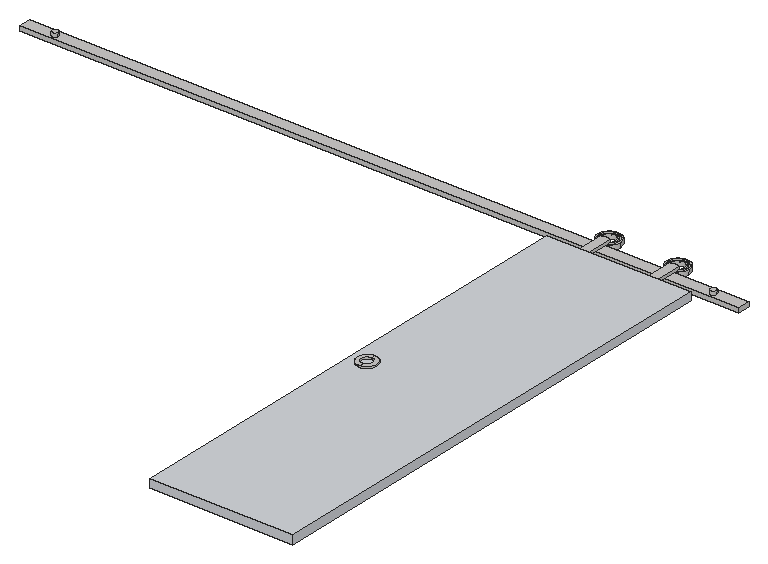
Revit family
Parameters (values of type "Stainless Steel, Brushed")
  zz YesNo 2 [instance] = not(if(Trolley is Top Mount, 1, 0) + if(Trolley is Glass Mount, 1, 0) + if(Trolley is Face Mount, 1, 0) = 1)  # no
  zz YesNo 1 [instance] = or(Trolley is Face Mount, Trolley is Glass Mount)  # no
  zz Material 2 = Stainless Steel - Krown Lab - Brushed
  zz Material 1 = Stainless Steel - Krown Lab - Brushed
  zz Length 6 [instance] = 91.000"
  zz Length 5 [instance] = if(Panel Height < 4.750", 4.750", Panel Height)  # 83.000"
  zz Length 4 [instance] = if(and(Has 1 Track Mount Spacer, Trolley is Top Mount), 2.000", if(and(Has 2 Track Mount Spacers, Trolley is Top Mount), 2.625", if(and(Has 1 Track Mount Spacer, Trolley is Face Mount), 1.375", if(and(Has 2 Track Mount Spacers, Trolley is Face Mount), 2.000", if(and(Has 1 Track Mount Spacer, Trolley is Glass Mount), 1.375", if(and(Has 2 Track Mount Spacers, Trolley is Glass Mount), 2.000", 0.500")))))) - 0.125"  # 1.875"
  zz Length 3 [instance] = if(zz Length 6 + (Panel Width / 2) > [built-in parameter 1001306] + 72.000", [built-in parameter 1001306] - (Panel Width / 2) + 72.000", if(zz Length 6 - (Panel Width / 2) < 72.000", (Panel Width / 2) + 72.000", zz Length 6))  # 91.000"
  zz Length 2 [instance] = if(Has 1 Track Mount Spacer, 1.375", 2.000")  # 1.375"
  zz Length 1 [instance] = if(Panel Width < 16.375", 16.375", Panel Width)  # 24.000"
  zz Integer 1 = 3
  URL = "http://www.krownlab.com/"
  Type Comments = "To Modify the Panel, edit the nested Panel Family and reload into the Door"  # constant formula
  Trolley is Top Mount [instance] = yes
  Trolley is Glass Mount [instance] = no
  Trolley is Face Mount [instance] = no
  Track Length [instance] = [built-in parameter 1001306]  # 120.000"
  Provide Feedback = "https://www.surveymonkey.com/s/3HJZTQD "
  Product Page URL = "http://www.krownlab.com/baldur"
  Product Material = Stainless Steel - Krown Lab - Brushed
  Product Documentation Link = "http://www.krownlab.com/pdfs/KrownLab-BALDUR-Product-Guide.pdf"
  Part Number [instance] = if(not(zz YesNo 2), if(and(zz Integer 1 = 3, Trolley is Top Mount), "Baldur, B11", if(and(zz Integer 1 = 3, Trolley is Face Mount), "Baldur, B12", if(and(zz Integer 1 = 3, Trolley is Glass Mount), "Baldur, B13", if(and(zz Integer 1 = 2, Trolley is Top Mount), "Baldur, B21", if(and(zz Integer 1 = 2, Trolley is Face Mount), "Baldur, B22", if(and(zz Integer 1 = 2, Trolley is Glass Mount), "Baldur, B23", if(and(zz Integer 1 = 4, Trolley is Top Mount), "Baldur, B31", if(and(zz Integer 1 = 4, Trolley is Face Mount), "Baldur, B32", if(and(zz Integer 1 = 4, Trolley is Glass Mount), "Baldur, B33", if(and(zz Integer 1 = 1, Trolley is Top Mount), "Baldur, B41", if(and(zz Integer 1 = 1, Trolley is Face Mount), "Baldur, B42", if(and(zz Integer 1 = 1, Trolley is Glass Mount), "Baldur, B43", "Not Available")))))))))))), "Not Available")  # "Baldur, B11"
  Part Description [instance] = if(not(zz YesNo 2), if(zz Integer 1 = 1, "Baldur Bamboo Sliding Track For Custom Sized Panels", if(zz Integer 1 = 2, "Baldur Polished Stainless Steel Sliding Track For Custom Sized Panels", if(zz Integer 1 = 3, "Baldur Brushed Stainless Steel Sliding Track For Custom Sized Panels", if(zz Integer 1 = 4, "Baldur Black Stainless Steel Sliding Track For Custom Sized Panels", "Not Available")))), "Not Available")  # "Baldur Brushed Stainless Steel Sliding Track For Custom Sized Panels"
  Panel Width [instance] = 24.000"
  Panel Material [instance] = none
  Panel Height [instance] = 83.000"
  Panel Depth Desired [instance] = 1.375"
  Panel Depth Actual [instance] = if(not(zz YesNo 2), if(Trolley is Top Mount, if(Panel Depth Desired > 3.000", 3.000", if(Panel Depth Desired < 1.375", 1.375", Panel Depth Desired)), if(Trolley is Face Mount, if(Panel Depth Desired > 1.750", 1.750", if(Panel Depth Desired < 0.750", 0.750", Panel Depth Desired)), if(Trolley is Glass Mount, if(Panel Depth Desired > 0.750", 0.750", if(Panel Depth Desired < 0.375", 0.375", Panel Depth Desired)), 5.000"))), 3.000" / 4)  # 1.375"
  Panel [instance] = Panel : Standard
  Original Creation Date = "6/26/13"  # constant formula
  Mounting Hardware [instance] = if(not(zz YesNo 2), if(Trolley is Top Mount, "Top Mount", if(Trolley is Face Mount, "Face Mount", if(Trolley is Glass Mount, "Glass Mount", "Not Available"))), "Not Available")  # "Top Mount"
  Model Disclaimer = "For More Information, Contact Krown Lab"  # constant formula
  Model = "See Part Number"  # constant formula
  Max Panel Weight [instance] = if(Has 1 Track Mount Spacer, 400.000 lbf, 300.000 lbf)  # 400.000 lbf
  Manufacturer = "Krown Lab"  # constant formula
  built-in parameter 1001306 [instance] = 120.000"
  Has 2 Track Mount Spacers [instance] = not(Has 1 Track Mount Spacer)  # no
  Has 1 Track Mount Spacer [instance] = yes
  Handle Material = Stainless Steel - Krown Lab - Brushed
  Handle [instance] = Handle : Ring Pull
  Family Version = "1.0.0"  # constant formula
  Equipment Number [instance] = ""
  Equipment Abbreviation = "DR"
  Description = "See Part Description"  # constant formula
  Date Last Modified = "6/26/13"  # constant formula
  Copyright = "Copyright © Krown Lab"  # constant formula
  Configuration [instance] = if(zz YesNo 2, "Error: Select only 1 Trolley Option", "Available")  # "Available"
Types (5): name | zz Material 2 | zz Material 1 | zz Length 6 | zz Length 4 | zz Length 3 | zz Length 2 | zz Integer 1 | Product Material | Part Number | Part Description | Max Panel Weight | Has 2 Track Mount Spacers | Has 1 Track Mount Spacer | Handle Material
  (no name) | Stainless Steel - Krown Lab - Brushed | Stainless Steel - Krown Lab - Brushed | 91.000" | 1.875" | 91.000" | 1.375" | 3 | Stainless Steel - Krown Lab - Brushed | "Baldur, B11" | "Baldur Brushed Stainless Steel Sliding Track For Custom Sized Panels" | 400.000 lbf | no | yes | Stainless Steel - Krown Lab - Brushed
  Stainless Steel, Polished | Stainless Steel - Krown Lab - Polished | Stainless Steel - Krown Lab - Polished | 91.000" | 2.500" | 91.000" | 2.000" | 2 | Stainless Steel - Krown Lab - Polished | "Baldur, B21" | "Baldur Polished Stainless Steel Sliding Track For Custom Sized Panels" | 300.000 lbf | yes | no | Stainless Steel - Krown Lab - Polished
  Stainless Steel, Brushed | Stainless Steel - Krown Lab - Brushed | Stainless Steel - Krown Lab - Brushed | 91.000" | 1.875" | 91.000" | 1.375" | 3 | Stainless Steel - Krown Lab - Brushed | "Baldur, B11" | "Baldur Brushed Stainless Steel Sliding Track For Custom Sized Panels" | 400.000 lbf | no | yes | Stainless Steel - Krown Lab - Brushed
  Stainless Steel, Black | Stainless Steel - Krown Lab - Black | Stainless Steel - Krown Lab - Black | 93.000" | 1.875" | 93.000" | 1.375" | 4 | Stainless Steel - Krown Lab - Black | "Baldur, B31" | "Baldur Black Stainless Steel Sliding Track For Custom Sized Panels" | 400.000 lbf | no | yes | Stainless Steel - Krown Lab - Black
  Bamboo | Stainless Steel - Krown Lab - Brushed | Stainless Steel - Krown Lab - Brushed | 91.000" | 1.875" | 91.000" | 1.375" | 1 | Bamboo - Krown Lab | "Baldur, B41" | "Baldur Bamboo Sliding Track For Custom Sized Panels" | 400.000 lbf | no | yes | Stainless Steel - Krown Lab - Brushed
Reference planes (in)
  plane 1 "Center (Front/Back)": y = 0
  plane 2: z = 0
  plane 3 "Left": x = 0
  plane 4 "Right": x = 120
  plane 5: z = 1.1875
  plane 6: z = 0.675
  plane 7: z = 0.5
  plane 8: z = 1.025
  plane 9: z = 1.375
  plane 10: z = 1.775
  plane 11: z = 1.875
  plane 12: x = 5
  plane 13: x = 67
  plane 14: y = -44.75
  plane 15: y = -86.25
  plane 16: y = -44.25
  plane 17: y = 1.075
  plane 18: y = 1.875
  plane 19: y = -3.25
  plane 20: y = -2
  plane 21: y = -1
  plane 22: y = -7.25
  plane 23: x = 89
  plane 24: x = 101
  plane 25: x = 113
  plane 26: x = 91.7
  plane 27: x = 94.5
  plane 28: x = 96
  plane 29: x = 95.25
  plane 30: x = 107.5
  plane 31: x = 106.75
  plane 32: x = 106
  plane 33: x = 192
  plane 34: y = -3
  plane 35: x = -1
  plane 36: x = 121
  plane 37: y = 4.75
  plane 38: y = -87.25
  plane 39: z = -1
  plane 40: z = 2.875
  plane 41: z = 0.275
  plane 42: z = 1.775
  plane 43: y = -0.5
  plane 44: y = 0.75
  plane 45: y = 0.1875
  plane 46: y = 0.5625
  plane 47: z = 0.8
  plane 48: z = 1.25
  plane 49: x = 115
  plane 50: z = 1.875
Forms (in)
  Extrusion 1, solid, material "Stainless Steel - Krown Lab - Brushed" <- "Product Material"
    sketch origin (0, 0, 0) x (1, 0, 0) y (0, 1, 0)
      loop
        line (0, 0) -> (0, -2) -> (120, -2) -> (120, 0) -> (0, 0)
    from 0.675 to 1.375
  Extrusion 2, solid, material "Stainless Steel - Krown Lab - Brushed" <- "zz Material 2", detail levels medium+fine
    sketch origin (0, 0, 0) x (1, 0, 0) y (0, 1, 0)
      loop
        circle (95.25, 1.875) r 1.125
      loop
        circle (95.25, 1.875) r 1.875
      loop
        circle (106.75, 1.875) r 1.125
      loop
        circle (106.75, 1.875) r 1.875
    from 0.675 to 1.375
  Extrusion 3, solid, material "Stainless Steel - Krown Lab - Brushed" <- "Product Material", visible <- "zz YesNo 1", detail levels medium+fine
    sketch origin (0, 0, 0) x (1, 0, 0) y (0, 1, 0)
      loop
        arc (94.5, -7.25) -> (95.25, -8) -> (96, -7.25) r 0.75
        line (96, -7.25) -> (96, 1.075)
        arc (96, 1.075) -> (95.25, 1.325) -> (94.5, 1.075) r 1.25
        line (94.5, 1.075) -> (94.5, -7.25)
      loop
        arc (106, -7.25) -> (106.75, -8) -> (107.5, -7.25) r 0.75
        line (107.5, -7.25) -> (107.5, 1.075)
        arc (107.5, 1.075) -> (106.75, 1.325) -> (106, 1.075) r 1.25
        line (106, 1.075) -> (106, -7.25)
    from 1.375 to 1.775
  Extrusion 4, solid, material "Stainless Steel - Krown Lab - Brushed" <- "Product Material", visible <- "Trolley is Top Mount", detail levels medium+fine
    sketch origin (0, 0, 0) x (1, 0, 0) y (0, 1, 0)
      loop
        line (94.5, -3.25) -> (96, -3.25) -> (96, 1.075)
        arc (96, 1.075) -> (95.25, 1.325) -> (94.5, 1.075) r 1.25
        line (94.5, 1.075) -> (94.5, -3.25)
      loop
        line (106, -3.25) -> (107.5, -3.25) -> (107.5, 1.075)
        arc (107.5, 1.075) -> (106.75, 1.325) -> (106, 1.075) r 1.25
        line (106, 1.075) -> (106, -3.25)
    from 1.375 to 1.775
  Extrusion 5, solid, material "Stainless Steel - Krown Lab - Brushed" <- "Product Material", visible <- "Trolley is Top Mount", detail levels medium+fine
    sketch origin (0, 0, 0) x (1, 0, 0) y (0, 1, 0)
      loop
        line (94.5, -3) -> (94.5, -3.25) -> (96, -3.25) -> (96, -3) -> (94.5, -3)
      loop
        line (106, -3) -> (106, -3.25) -> (107.5, -3.25) -> (107.5, -3) -> (106, -3)
    from 0.675 to 1.775
  Extrusion 6, solid, material "Error Box", visible <- "zz YesNo 2"
    sketch origin (0, 0, 0) x (1, 0, 0) y (0, 1, 0)
      loop
        line (-1, 4.75) -> (-1, -87.25) -> (121, -87.25) -> (121, 4.75) -> (-1, 4.75)
    from -1 to 2.875
  Extrusion 7, solid, material "Stainless Steel - Krown Lab - Brushed" <- "Product Material", visible <- "Trolley is Top Mount", detail levels medium+fine
    sketch origin (0, 0, 0) x (1, 0, 0) y (0, 1, 0)
      loop
        line (106, -0.5) -> (107.5, -0.5) -> (107.5, 1.075)
        arc (107.5, 1.075) -> (106.75, 1.325) -> (106, 1.075) r 1.25
        line (106, 1.075) -> (106, -0.5)
      loop
        line (94.5, -0.5) -> (96, -0.5) -> (96, 1.075)
        arc (96, 1.075) -> (95.25, 1.325) -> (94.5, 1.075) r 1.25
        line (94.5, 1.075) -> (94.5, -0.5)
    from 0.275 to 0.675
  Extrusion 8, solid, material "Stainless Steel - Krown Lab - Brushed" <- "Product Material", visible <- "Trolley is Top Mount", detail levels medium+fine
    sketch origin (0, 0, 0) x (1, 0, 0) y (0, 1, 0)
      loop
        arc (96, 1.075) -> (95.25, 1.325) -> (94.5, 1.075) r 1.25
        line (94.5, 1.075) -> (94.5, 1.04204)
        arc (94.5, 1.04204) -> (95.25, 0.75414) -> (96, 1.04204) r 1.12086
        line (96, 1.04204) -> (96, 1.075)
      loop
        arc (107.5, 1.075) -> (106.75, 1.325) -> (106, 1.075) r 1.25
        line (106, 1.075) -> (106, 1.04204)
        arc (106, 1.04204) -> (106.75, 0.75414) -> (107.5, 1.04204) r 1.12086
        line (107.5, 1.04204) -> (107.5, 1.075)
    from 0.675 to 1.375
  Extrusion 9, solid, material "Stainless Steel - Krown Lab - Brushed" <- "Product Material", visible <- "zz YesNo 1", detail levels medium+fine
    sketch origin (0, 0, 0) x (1, 0, 0) y (0, 1, 0)
      loop
        arc (96, 1.075) -> (95.25, 1.325) -> (94.5, 1.075) r 1.25
        line (94.5, 1.075) -> (94.5, 1.04204)
        arc (94.5, 1.04204) -> (95.25, 0.75414) -> (96, 1.04204) r 1.12086
        line (96, 1.04204) -> (96, 1.075)
      loop
        arc (107.5, 1.075) -> (106.75, 1.325) -> (106, 1.075) r 1.25
        line (106, 1.075) -> (106, 1.04204)
        arc (106, 1.04204) -> (106.75, 0.75414) -> (107.5, 1.04204) r 1.12086
        line (107.5, 1.04204) -> (107.5, 1.075)
    from 0.675 to 1.375
  Extrusion 10, solid, material "Stainless Steel - Krown Lab - Brushed" <- "Product Material", visible <- "zz YesNo 1", detail levels medium+fine
    sketch origin (0, 0, 0) x (1, 0, 0) y (0, 1, 0)
      loop
        line (106, -0.5) -> (107.5, -0.5) -> (107.5, 1.075)
        arc (107.5, 1.075) -> (106.75, 1.325) -> (106, 1.075) r 1.25
        line (106, 1.075) -> (106, -0.5)
      loop
        line (94.5, -0.5) -> (96, -0.5) -> (96, 1.075)
        arc (96, 1.075) -> (95.25, 1.325) -> (94.5, 1.075) r 1.25
        line (94.5, 1.075) -> (94.5, -0.5)
    from 0.275 to 0.675
  Extrusion 11, void
    sketch origin (0, 0, 0) x (1, 0, 0) y (0, 1, 0)
      loop
        circle (106.75, 1.875) r 1.6875
      loop
        circle (106.75, 1.875) r 1.3125
      loop
        circle (95.25, 1.875) r 1.6875
      loop
        circle (95.25, 1.875) r 1.3125
    from 1.25 to 1.375
  Extrusion 12, void
    sketch origin (0, 0, 0) x (1, 0, 0) y (0, 1, 0)
      loop
        circle (106.75, 1.875) r 1.6875
      loop
        circle (106.75, 1.875) r 1.3125
      loop
        circle (95.25, 1.875) r 1.6875
      loop
        circle (95.25, 1.875) r 1.3125
    from 0.675 to 0.8
  Extrusion 13, solid, material "Stainless Steel - Krown Lab - Brushed" <- "zz Material 2", detail levels fine
    sketch origin (0, 0, 0) x (1, 0, 0) y (0, 1, 0)
      loop
        circle (115, -1) r 0.5
      loop
        circle (5, -1) r 0.5
    from 1.375 to 1.875
Cuts and joins
  joined: Extrusion 4, Extrusion 5, Extrusion 7, Extrusion 8
  joined: Extrusion 3, Extrusion 9, Extrusion 10
  Extrusion 11, Extrusion 12 cuts Extrusion 2
Lines and regions (in)
  Masking region 1
    outline origin (0, 0, 0) x (1, 0, 0) y (0, 0, 1)
      loop
        line (0, 1.375) -> (0, 0.675) -> (120, 0.675) -> (120, 1.375) -> (0, 1.375)
  reference lines
    curve 1: line (0, 0, 0) -> (120, 0, 0)
    curve 2: line (101, -86.25, 1.1875) -> (101, 0, 1.1875)
Text (in)
  text "To Modify the Panel, edit the nested Panel Family and reload into the Door" at (-101.19156, 12.03068, 0), in view "Ref. Level"
Dimensions and locks (in)
  "built-in parameter 1001306": plane 3 "Left" to plane 4 "Right"
  equal spacing: plane 11, plane 5, plane 7
  "zz Length 4": plane 11 to plane 2
  "Panel Depth Actual": plane 11 to plane 7
  "zz Length 2": plane 9 to plane 2
  equal spacing: plane 19, plane 14, plane 15
  locked: plane 16 to plane 15 at 42
  plane 18 to plane 17 to plane 44 to plane 46 to plane 45 to plane 1 "Center (Front/Back)" to plane 21 to plane 20 to plane 34 to plane 19 to plane 22 = 0.800" locked, 0.325" locked, 0.1875" locked, 0.375" locked, 0.1875" locked, 1.000" locked, 1.000" locked, 1.000" locked, 0.250" locked, 4.000" locked
  "zz Length 5": plane 19 to plane 15
  plane 10 to plane 9 to plane 48 to plane 8 to plane 47 to plane 6 to plane 41 = 0.400" locked, 0.125" locked, 0.225" locked, 0.225" locked, 0.125" locked, 0.400" locked
  equal spacing: plane 23, plane 24, plane 25
  "zz Length 1": plane 23 to plane 25
  plane 23 to plane 26 to plane 27 to plane 29 to plane 28 = 2.700" locked, 2.800" locked, 0.750" locked, 0.750" locked
  plane 32 to plane 31 to plane 30 to plane 25 = 0.750" locked, 0.750" locked, 5.500" locked
  "zz Length 3": plane 24 to plane 33
  "zz Length 6": curve 2 to plane 33
  locked: plane 4 "Right" to plane 33 at 72
  locked: plane 35 to plane 3 "Left" at 1
  locked: plane 4 "Right" to plane 36 at 1
  locked: plane 37 to plane 18 at 2.875
  locked: plane 15 to plane 38 at 1
  locked: plane 2 to plane 39 at 1
  locked: plane 40 to plane 11 at 1
  locked: plane 43 to plane 1 "Center (Front/Back)" at 0.5
  locked: plane 49 to plane 4 "Right" at 5
  locked: plane 50 to plane 9 at 0.5
  locked: plane 3 "Left" to plane 12 at 5
  aligned and locked: plane 4 "Right" to curve 1
  aligned and locked: plane 3 "Left" to curve 1
  aligned and locked: level to plane 2
  aligned and locked: Extrusion 1 sketch curve to plane 4 "Right"
  aligned and locked: plane 20 to Extrusion 1 sketch curve
  aligned and locked: plane 1 "Center (Front/Back)" to Extrusion 1 sketch curve
  aligned and locked: plane 3 "Left" to Extrusion 1 sketch curve
  aligned and locked: plane 29 to Extrusion 2 sketch curve  (x2)
  aligned and locked: plane 18 to Extrusion 2 sketch curve  (x4)
  aligned and locked: plane 31 to Extrusion 2 sketch curve  (x2)
  aligned and locked: Extrusion 2 to plane 6
  aligned and locked: Extrusion 1 to plane 6
  aligned and locked: plane 9 to Extrusion 1
  aligned and locked: plane 9 to Extrusion 2
  aligned and locked: nested 1 to plane 24
  aligned and locked: nested 1 to plane 14
  aligned and locked: nested 2 to plane 16
  aligned and locked: nested 2 to plane 26
  aligned and locked: plane 29 to Extrusion 3 sketch curve
  aligned and locked: plane 22 to Extrusion 3 sketch curve  (x2)
  aligned and locked: plane 31 to Extrusion 3 sketch curve
  aligned and locked: Extrusion 3 sketch curve to plane 32
  aligned and locked: plane 30 to Extrusion 3 sketch curve
  aligned and locked: plane 28 to Extrusion 3 sketch curve
  aligned and locked: Extrusion 3 sketch curve to plane 27
  aligned and locked: Extrusion 3 to plane 9
  aligned and locked: plane 10 to Extrusion 3
  aligned and locked: plane 15 to curve 2
  aligned and locked: Extrusion 4 sketch curve to plane 27
  aligned and locked: plane 19 to Extrusion 4 sketch curve  (x2)
  aligned and locked: plane 28 to Extrusion 4 sketch curve
  aligned and locked: Extrusion 4 sketch curve to plane 32
  aligned and locked: plane 30 to Extrusion 4 sketch curve
  aligned and locked: Extrusion 4 to plane 9
  aligned and locked: plane 10 to Extrusion 4
  aligned and locked: plane 19 to Extrusion 5 sketch curve  (x2)
  aligned and locked: plane 30 to Extrusion 5 sketch curve
  aligned and locked: Extrusion 5 sketch curve to plane 32
  aligned and locked: Extrusion 5 sketch curve to plane 34  (x2)
  aligned and locked: Extrusion 5 sketch curve to plane 27
  aligned and locked: plane 28 to Extrusion 5 sketch curve
  aligned and locked: Extrusion 5 to plane 6
  aligned: plane 10 to Extrusion 5
  aligned and locked: plane 6 to Masking region 1 sketch curve
  aligned and locked: Masking region 1 sketch curve to plane 4 "Right"
  aligned and locked: Masking region 1 sketch curve to plane 9
  aligned and locked: plane 3 "Left" to Masking region 1 sketch curve
  aligned and locked: plane 36 to Extrusion 6 sketch curve
  aligned and locked: Extrusion 6 sketch curve to plane 35
  aligned and locked: plane 38 to Extrusion 6 sketch curve
  aligned and locked: Extrusion 6 sketch curve to plane 37
  aligned and locked: Extrusion 6 to plane 39
  aligned and locked: plane 40 to Extrusion 6
  aligned and locked: plane 43 to Extrusion 7 sketch curve  (x2)
  aligned and locked: plane 30 to Extrusion 7 sketch curve
  aligned and locked: Extrusion 7 sketch curve to plane 32
  aligned and locked: plane 28 to Extrusion 7 sketch curve
  aligned and locked: Extrusion 7 sketch curve to plane 27
  aligned and locked: Extrusion 7 to plane 41
  aligned and locked: plane 6 to Extrusion 7
  aligned and locked: plane 9 to Extrusion 8
  aligned and locked: Extrusion 8 to plane 6
  aligned and locked: Extrusion 8 sketch curve to plane 30
  aligned and locked: plane 32 to Extrusion 8 sketch curve
  aligned and locked: plane 28 to Extrusion 8 sketch curve
  aligned and locked: plane 27 to Extrusion 8 sketch curve
  aligned: plane 9 to Extrusion 5
  aligned and locked: plane 10 to Extrusion 5
  aligned and locked: Extrusion 9 sketch curve to plane 30
  aligned and locked: plane 32 to Extrusion 9 sketch curve
  aligned and locked: plane 28 to Extrusion 9 sketch curve
  aligned and locked: plane 27 to Extrusion 9 sketch curve
  aligned and locked: plane 28 to Extrusion 10 sketch curve
  aligned and locked: Extrusion 10 sketch curve to plane 27
  aligned and locked: plane 43 to Extrusion 10 sketch curve  (x2)
  aligned and locked: Extrusion 10 sketch curve to plane 32
  aligned and locked: plane 30 to Extrusion 10 sketch curve
  aligned and locked: Extrusion 9 to plane 6
  aligned and locked: plane 9 to Extrusion 9
  aligned and locked: Extrusion 10 to plane 41
  aligned and locked: plane 6 to Extrusion 10
  aligned: Extrusion 11 to plane 11
  aligned and locked: plane 9 to Extrusion 11
  aligned and locked: plane 29 to Extrusion 11 sketch curve  (x2)
  aligned and locked: plane 18 to Extrusion 11 sketch curve  (x4)
  aligned and locked: plane 31 to Extrusion 11 sketch curve  (x2)
  aligned and locked: plane 29 to Extrusion 12 sketch curve  (x2)
  aligned and locked: plane 18 to Extrusion 12 sketch curve  (x4)
  aligned and locked: plane 31 to Extrusion 12 sketch curve  (x2)
  aligned and locked: Extrusion 12 to plane 6
  aligned and locked: plane 47 to Extrusion 12
  aligned and locked: Extrusion 11 to plane 48
  aligned and locked: plane 21 to Extrusion 13 sketch curve  (x2)
  aligned and locked: plane 49 to Extrusion 13 sketch curve
  aligned and locked: Extrusion 13 to plane 9
  aligned and locked: plane 50 to Extrusion 13
  aligned and locked: plane 12 to Extrusion 13 sketch curve
Automatic sketch dimensions
  plane 1 "Center (Front/Back)" to curve 1 = 0.000"
  plane 1 "Center (Front/Back)" to curve 2 = 0.000"
  Extrusion 7 sketch curve to Extrusion 7 sketch curve = 11.500"
  Extrusion 7 sketch curve to Extrusion 7 sketch curve = 0.000"
  Extrusion 7 sketch curve to plane 31 = 0.000"
  Extrusion 7 sketch curve to plane 17 = 0.000"  (x2)
  Extrusion 7 sketch curve to plane 1 "Center (Front/Back)" = 0.075"
  Extrusion 4 sketch curve to plane 29 = 0.000"
  Extrusion 4 sketch curve to plane 31 = 0.000"
  Extrusion 4 sketch curve to plane 17 = 0.000"  (x2)
  Extrusion 4 sketch curve to plane 1 "Center (Front/Back)" = 0.075"  (x2)
  Extrusion 8 sketch curve to plane 17 = 0.000"  (x2)
  Extrusion 8 sketch curve to plane 18 = 0.000"  (x2)
  Extrusion 8 sketch curve to plane 29 = 0.000"  (x2)
  Extrusion 8 sketch curve to plane 31 = 0.000"  (x2)
  Extrusion 8 sketch curve to plane 1 "Center (Front/Back)" = 0.075"  (x2)
  Extrusion 8 sketch curve to plane 17 = 0.03296"
  Extrusion 8 sketch curve to Extrusion 8 sketch curve = 0.03296"
  Extrusion 3 sketch curve to plane 29 = 0.000"
  Extrusion 3 sketch curve to plane 17 = 0.000"  (x2)
  Extrusion 3 sketch curve to plane 31 = 0.000"
  Extrusion 3 sketch curve to plane 1 "Center (Front/Back)" = 0.075"  (x2)
  Extrusion 9 sketch curve to plane 17 = 0.000"  (x2)
  Extrusion 9 sketch curve to plane 18 = 0.000"  (x2)
  Extrusion 9 sketch curve to plane 29 = 0.000"  (x2)
  Extrusion 9 sketch curve to plane 31 = 0.000"  (x2)
  Extrusion 9 sketch curve to Extrusion 9 sketch curve = 0.03296"  (x2)
  Extrusion 9 sketch curve to plane 1 "Center (Front/Back)" = 0.075"  (x2)
  Extrusion 10 sketch curve to plane 29 = 0.000"
  Extrusion 10 sketch curve to plane 17 = 0.000"  (x2)
  Extrusion 10 sketch curve to plane 31 = 0.000"
  Extrusion 10 sketch curve to plane 1 "Center (Front/Back)" = 0.075"  (x2)
  Extrusion 12 sketch curve to Extrusion 12 sketch curve = 0.000"
  radius of Extrusion 2 sketch curve = 1.125"  (x2)
  radius of Extrusion 2 sketch curve = 1.875"  (x2)
  radius of Extrusion 11 sketch curve = 1.6875"  (x2)
  radius of Extrusion 11 sketch curve = 1.3125"  (x2)
  radius of Extrusion 12 sketch curve = 1.6875"  (x2)
  radius of Extrusion 12 sketch curve = 1.3125"  (x2)
  radius of Extrusion 13 sketch curve = 0.500"  (x2)
Nested families (in)
  nested 1: "Panel" at (101, -44.75, 0.5), Panel Material <- "Panel Material", Panel Width <- "Panel Width", Panel Thickness <- "Panel Depth Actual", Panel Height <- "Panel Height", type <- "Panel", type "Standard"
    with Panel Width 24.000", Panel Thickness 1.375", Panel Material none, Panel Height 83.000"
  nested 2: "Handle" at (91.7, -44.25, 1.1875), Panel Thickness <- "Panel Depth Actual", Material <- "zz Material 1", type <- "Handle", type "Ring Pull", detail levels fine
    with Panel Thickness 1.375", Material Stainless Steel - Krown Lab - Brushed, Handle Height 18.000"
Definition of nested family "Panel"
  Parameters (values of type "Standard")
    Panel Width [instance] = 58.000"
    Panel Thickness [instance] = 3.000"
    Panel Material [instance] = none
    Panel Height [instance] = 102.000"
    Assembly Code = ""
  Reference planes (in)
    plane 1 "Center (Front/Back)": y = 0
    plane 2: z = 0
    plane 3 "Center (Left/Right)": x = 0
    plane 4: y = -51
    plane 5: y = 51
    plane 6: x = -29
    plane 7: x = 29
    plane 8: z = 3
  Forms (in)
    Extrusion 1, solid, material <- "Panel Material"
      sketch origin (0, 0, 0) x (1, 0, 0) y (0, 1, 0)
        loop
          line (-29, 51) -> (-29, -51) -> (29, -51) -> (29, 51) -> (-29, 51)
      from 0 to 3
  Lines and regions (in)
    Masking region 1
      outline origin (0, 0, 0) x (1, 0, 0) y (0, 0, 1)
        loop
          line (-29, 3) -> (-29, 0) -> (29, 0) -> (29, 3) -> (-29, 3)
  Text (in)
    text "This Family is intended to be editable,\n\nbut dont modify the presently applied parameters\n\n(Panel Width, Panel Height, Panel Thickness)\n\nor the constraints." at (-58.6655, -74.93645, 0), in view "Ref. Level"
  Dimensions and locks (in)
    equal spacing: plane 6, plane 3 "Center (Left/Right)", plane 7
    equal spacing: plane 5, plane 1 "Center (Front/Back)", plane 4
    "Panel Height": plane 5 to plane 4
    "Panel Width": plane 6 to plane 7
    "Panel Thickness": plane 8 to plane 2
    aligned and locked: plane 2 to level
    aligned and locked: Extrusion 1 sketch curve to plane 5
    aligned and locked: Extrusion 1 sketch curve to plane 6
    aligned and locked: plane 4 to Extrusion 1 sketch curve
    aligned and locked: plane 7 to Extrusion 1 sketch curve
    aligned and locked: Extrusion 1 to plane 2
    aligned and locked: plane 8 to Extrusion 1
    aligned and locked: Masking region 1 sketch curve to plane 6
    aligned and locked: Masking region 1 sketch curve to plane 8
    aligned and locked: plane 2 to Masking region 1 sketch curve
    aligned and locked: plane 7 to Masking region 1 sketch curve
Definition of nested family "Handle"
  Parameters (values of type "None")
    Rings Visible = no
    Panel Thickness [instance] = 4.000"
    Material [instance] = none
    Handle Height [instance] = 18.000"
    Front Rail Visible = no
    Back Rail Visible = no
    Assembly Code = ""
  Types (4): name | Rings Visible | Front Rail Visible | Back Rail Visible
    None | no | no | no
    Ring Pull | yes | no | no
    18" Rail Pull | no | yes | no
    18" Rail Pull, Double Sided | no | yes | yes
  Reference planes (in)
    plane 1 "Center (Front/Back)": y = 0
    plane 2: z = 0
    plane 3 "Center (Left/Right)": x = 0
    plane 4: y = -9
    plane 5: y = 9
    plane 6: x = -0.375
    plane 7: x = 0.375
    plane 8: z = 2
    plane 9: z = -2
    plane 10: z = 4
    plane 11: z = -4
    plane 12: y = 0.9375
    plane 13: y = 1.625
    plane 14: z = 2.1875
    plane 15: z = -2.1875
  Forms (in)
    Extrusion 1, solid, material <- "Material", visible <- "Front Rail Visible"
      sketch origin (0, 0, 0) x (1, 0, 0) y (0, 1, 0)
        loop
          line (-0.375, 9) -> (-0.375, -9) -> (0.375, -9) -> (0.375, 9) -> (-0.375, 9)
      from 2 to 4
    Extrusion 2, solid, material <- "Material", visible <- "Back Rail Visible"
      sketch origin (0, 0, 0) x (1, 0, 0) y (0, 1, 0)
        loop
          line (-0.375, 9) -> (-0.375, -9) -> (0.375, -9) -> (0.375, 9) -> (-0.375, 9)
      from -4 to -2
    Revolve 3, solid, material <- "Material", visible <- "Rings Visible"
      sketch origin (0, 0, 0) x (0, 1, 0) y (0, 0, 1)
        loop
          line (0.9375, 2.1875) -> (0.9375, 2) -> (1.625, 2) -> (1.625, 2.1875) -> (0.9375, 2.1875)
        loop
          line (0.9375, -2) -> (0.9375, -2.1875) -> (1.625, -2.1875) -> (1.625, -2) -> (0.9375, -2)
        axis (0, -2.1875) -> (0, 2.1875)
      angle from 0 to 360
  Dimensions and locks (in)
    equal spacing: plane 4, plane 1 "Center (Front/Back)", plane 5
    "Handle Height": plane 5 to plane 4
    plane 6 to plane 3 "Center (Left/Right)" to plane 7 = 0.375" locked, 0.375" locked
    equal spacing: plane 8, plane 2, plane 9
    "Panel Thickness": plane 8 to plane 9
    plane 10 to plane 14 to plane 8 = 1.8125" locked, 0.1875" locked
    plane 9 to plane 15 to plane 11 = 0.1875" locked, 1.8125" locked
    aligned and locked: plane 2 to level
    aligned and locked: Extrusion 1 sketch curve to plane 5
    aligned and locked: Extrusion 1 sketch curve to plane 6
    aligned and locked: plane 4 to Extrusion 1 sketch curve
    aligned and locked: plane 7 to Extrusion 1 sketch curve
    aligned and locked: Extrusion 1 to plane 8
    aligned and locked: plane 10 to Extrusion 1
    aligned and locked: plane 4 to Extrusion 2 sketch curve
    aligned and locked: Extrusion 2 sketch curve to plane 5
    aligned and locked: plane 7 to Extrusion 2 sketch curve
    aligned and locked: Extrusion 2 sketch curve to plane 6
    aligned and locked: Extrusion 2 to plane 11
    aligned and locked: plane 9 to Extrusion 2
    aligned and locked: plane 15 to Revolve 3 sketch curve
    aligned and locked: Revolve 3 sketch curve to plane 13  (x2)
    aligned and locked: Revolve 3 sketch curve to plane 14
    aligned and locked: Revolve 3 sketch curve to plane 9
    aligned and locked: plane 8 to Revolve 3 sketch curve
    aligned and locked: plane 12 to Revolve 3 sketch curve  (x2)
    aligned and locked: Revolve 3 sketch curve to plane 1 "Center (Front/Back)"
  Automatic sketch dimensions
    Revolve 3 sketch curve to plane 11 = 20.000"
    plane 10 to Revolve 3 sketch curve = 88.27586"
